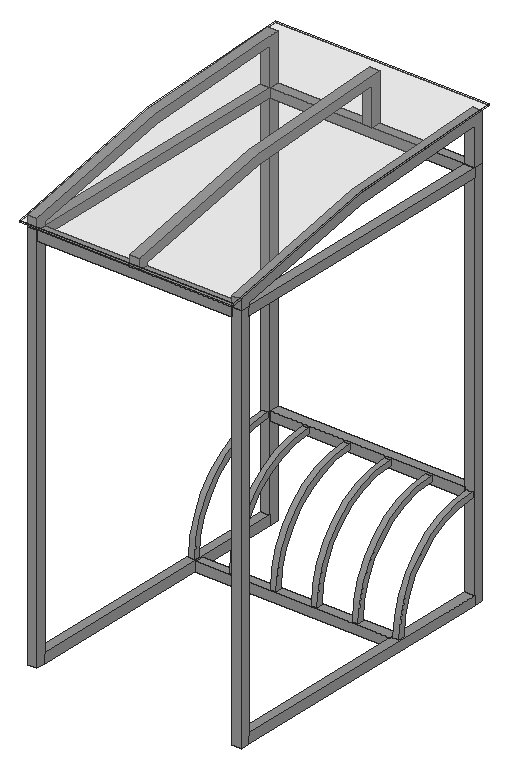
Revit family "10485 Велопарковка с навесом Velo-9 Хоббика", category Антураж, Revit 2018
Family settings
  На основе рабочей плоскости = Нет
  Всегда вертикально = Да
  При загрузке вырезать с полостями = Нет
  Источник визуального образа = Геометрия семейства
  Общий = Нет
  Точка расчета площади = Нет
Parameters (values of type "5 мест")
  Ширина = 1600 mm  # constant formula
  Цвет навеса = Крыша
  Цвет каркаса = Сталь
  Описание = if([5 мест], "Велопарковка с навесом Velo-9. Версия на 5 мест", if([10 мест], "Велопарковка с навесом Velo-9. Версия на 10 мест", if([15 мест], "Велопарковка с навесом Velo-9. Версия на 15 мест", if([19 мест], "Велопарковка с навесом Velo-9. Версия на 19 мест", "Велопарковка с навесом Velo-9. Версия на 30 мест"))))  # "Велопарковка с навесом Velo-9. Версия на 5 мест"
  Материал изделия = "Сталь, поликарбонат"  # constant formula
  Кол-во стоек = if([5 мест], 6, if([10 мест], 11, if([15 мест], 16, if([19 мест], 20, 31))))  # 6
  Кол-во опор = if([5 мест], 3, if([10 мест], 4, if([15 мест], 5, if([19 мест], 6, 8))))  # 3
  Изготовитель = "ООО «Хоббика»"  # constant formula
  Длина = if([5 мест], 1140 mm, if([10 мест], 2240 mm, if([15 мест], 3340 mm, if([19 мест], 4220 mm, 6638 mm))))  # 1140 mm
  Группа модели = "Велопарковки"  # constant formula
  Высота = 2352 mm  # constant formula
  Артикул товара = "Арт. 10485"  # constant formula
  URL = "https://hobbyka.ru/product/massovaya_veloparkovka_velo9"
  5 мест = yes
  30 мест = no
  19 мест = no
  15 мест = no
  10 мест = no
Types (6, lengths in mm): name | Описание | Кол-во стоек | Кол-во опор | Длина | 5 мест | 30 мест | 19 мест | 15 мест | 10 мест
  (no name) | "Велопарковка с навесом Velo-9. Версия на 5 мест" | 6 | 3 | 1140 | yes | no | no | no | no
  5 мест | "Велопарковка с навесом Velo-9. Версия на 5 мест" | 6 | 3 | 1140 | yes | no | no | no | no
  10 мест | "Велопарковка с навесом Velo-9. Версия на 10 мест" | 11 | 4 | 2240 | no | no | no | no | yes
  15 мест | "Велопарковка с навесом Velo-9. Версия на 15 мест" | 16 | 5 | 3340 | no | no | no | yes | no
  19 мест | "Велопарковка с навесом Velo-9. Версия на 19 мест" | 20 | 6 | 4220 | no | no | yes | no | no
  30 мест | "Велопарковка с навесом Velo-9. Версия на 30 мест" | 31 | 8 | 6638 | no | yes | no | no | no
Reference planes
  plane 1 "По центру (Вперед/Назад)": y = 0
  plane 2: z = 0
  plane 3 "По центру (Влево/Вправо)": x = 0
  plane 4: x = 1140
  plane 5: y = 1600
  plane 6: z = 2352
  plane 7: x = 1130
Forms (mm)
  Extrusion 1, solid, material "Сталь" <- "Цвет каркаса"
    sketch origin (0, 0, 0) x (1, 0, 0) y (0, 1, 0)
      loop
        line (0, 1600) -> (0, 1550) -> (50, 1550) -> (50, 1600) -> (0, 1600)
      loop
        line (1140, 1600) -> (1090, 1600) -> (1090, 1550) -> (1140, 1550) -> (1140, 1600)
    from 0 to 2091.226
  Extrusion 2, solid, material "Сталь" <- "Цвет каркаса"
    sketch origin (0, 0, 0) x (1, 0, 0) y (0, 1, 0)
      loop
        line (0, 0) -> (50, 0) -> (50, 50) -> (0, 50) -> (0, 0)
      loop
        line (1140, 0) -> (1140, 50) -> (1090, 50) -> (1090, 0) -> (1140, 0)
    from 0 to 2091.226
  Extrusion 3, solid, material "Крыша" <- "Цвет навеса"
    sketch origin (0, 0, 0) x (0, 1, 0) y (0, 0, 1)
      loop
        arc (1650, 2351.05) -> (792.381, 2308.526) -> (-50, 2142.056) r 5904.259
        line (-50, 2142.056) -> (-50, 2131.686)
        arc (-50, 2131.686) -> (792.355, 2298.447) -> (1650, 2341.047) r 5894.259
        line (1650, 2341.047) -> (1650, 2351.05)
    from 0 to 1140
  Extrusion 4, solid, material "Сталь" <- "Цвет каркаса"
    sketch origin (0, 0, 79.226) x (1, 0, 0) y (0, 0, 1)
      loop
        line (0, 2012) -> (0, 1962) -> (50, 1962) -> (50, 2012) -> (0, 2012)
      loop
        line (1140, 2012) -> (1090, 2012) -> (1090, 1962) -> (1140, 1962) -> (1140, 2012)
      loop
        line (0, -29.226) -> (0, -79.226) -> (50, -79.226) -> (50, -29.226) -> (0, -29.226)
      loop
        line (1140, -29.226) -> (1090, -29.226) -> (1090, -79.226) -> (1140, -79.226) -> (1140, -29.226)
    from -1550 to -50
  Extrusion 5, solid, material "Сталь" <- "Цвет каркаса"
    sketch origin (0, 0, 0) x (0, 1, 0) y (0, 0, 1)
      loop
        line (1600, 550) -> (1550, 550) -> (1550, 500) -> (1600, 500) -> (1600, 550)
      loop
        line (1050, 0) -> (1100, 0) -> (1100, 50) -> (1050, 50) -> (1050, 0)
      loop
        line (1550, 2091.226) -> (1550, 2041.226) -> (1600, 2041.226) -> (1600, 2091.226) -> (1550, 2091.226)
      loop
        line (0, 2091.226) -> (0, 2041.226) -> (50, 2041.226) -> (50, 2091.226) -> (0, 2091.226)
    from 50 to 1090
  Sweep 6, solid, material "Сталь" <- "Цвет каркаса"
    path origin (-872, 0, 0) x (0, 1, 0) y (0, 0, 1)
      loop
        arc (1550, 525) -> (1214.124, 385.876) -> (1075, 50) r 475
    profile origin (-872, 1550, 525) x (0, 0, -1) y (1, 0, 0)
      loop
        line (-15, 882) -> (15, 882) -> (15, 912) -> (-15, 912) -> (-15, 882)
  Sweep 7, solid, material "Сталь" <- "Цвет каркаса"
    path origin (-817.5, 0, 0) x (0, 1, 0) y (0, 0, 1)
      loop
        line (0, 2091.226) -> (0, 2145.199)
        arc (0, 2145.199) -> (793.24, 2298.556) -> (1600, 2341.999) r 5894.259
        line (1600, 2341.999) -> (1600, 2091.226)
    profile origin (-817.5, 1600, 2341.999) x (0, 0.014792, 0.999891) y (1, 0, 0)
      loop
        line (0, 867.5) -> (-50, 867.5) -> (-50, 817.5) -> (0, 817.5) -> (0, 867.5)
  Sweep 8, solid, material "Сталь" <- "Цвет каркаса"
    path origin (218, 0, 0) x (0, 1, 0) y (0, 0, 1)
      loop
        arc (1550, 525) -> (1214.124, 385.876) -> (1075, 50) r 475
    profile origin (218, 1550, 525) x (0, 0, -1) y (1, 0, 0)
      loop
        line (-15, 882) -> (15, 882) -> (15, 912) -> (-15, 912) -> (-15, 882)
  Sweep 9, solid, material "Сталь" <- "Цвет каркаса"
    path origin (-654, 0, 0) x (0, 1, 0) y (0, 0, 1)
      loop
        arc (1550, 525) -> (1214.124, 385.876) -> (1075, 50) r 475
    profile origin (-654, 1550, 525) x (0, 0, -1) y (1, 0, 0)
      loop
        line (-15, 882) -> (15, 882) -> (15, 912) -> (-15, 912) -> (-15, 882)
  Sweep 10, solid, material "Сталь" <- "Цвет каркаса"
    path origin (-436, 0, 0) x (0, 1, 0) y (0, 0, 1)
      loop
        arc (1550, 525) -> (1214.124, 385.876) -> (1075, 50) r 475
    profile origin (-436, 1550, 525) x (0, 0, -1) y (1, 0, 0)
      loop
        line (-15, 882) -> (15, 882) -> (15, 912) -> (-15, 912) -> (-15, 882)
  Sweep 11, solid, material "Сталь" <- "Цвет каркаса"
    path origin (-218, 0, 0) x (0, 1, 0) y (0, 0, 1)
      loop
        arc (1550, 525) -> (1214.124, 385.876) -> (1075, 50) r 475
    profile origin (-218, 1550, 525) x (0, 0, -1) y (1, 0, 0)
      loop
        line (-15, 882) -> (15, 882) -> (15, 912) -> (-15, 912) -> (-15, 882)
  Sweep 12, solid, material "Сталь" <- "Цвет каркаса"
    path origin (0, 0, 0) x (0, 1, 0) y (0, 0, 1)
      loop
        arc (1550, 525) -> (1214.124, 385.876) -> (1075, 50) r 475
    profile origin (0, 1550, 525) x (0, 0, -1) y (1, 0, 0)
      loop
        line (-15, 882) -> (15, 882) -> (15, 912) -> (-15, 912) -> (-15, 882)
  Sweep 13, solid, material "Сталь" <- "Цвет каркаса"
    path origin (272.5, 0, 0) x (0, 1, 0) y (0, 0, 1)
      loop
        line (0, 2091.226) -> (0, 2145.199)
        arc (0, 2145.199) -> (793.24, 2298.556) -> (1600, 2341.999) r 5894.259
        line (1600, 2341.999) -> (1600, 2091.226)
    profile origin (272.5, 1600, 2341.999) x (0, 0.014792, 0.999891) y (1, 0, 0)
      loop
        line (0, 867.5) -> (-50, 867.5) -> (-50, 817.5) -> (0, 817.5) -> (0, 867.5)
  Sweep 14, solid, material "Сталь" <- "Цвет каркаса"
    path origin (-272.5, 0, 0) x (0, 1, 0) y (0, 0, 1)
      loop
        line (0, 2091.226) -> (0, 2145.199)
        arc (0, 2145.199) -> (793.24, 2298.556) -> (1600, 2341.999) r 5894.259
        line (1600, 2341.999) -> (1600, 2091.226)
    profile origin (-272.5, 1600, 2341.999) x (0, 0.014792, 0.999891) y (1, 0, 0)
      loop
        line (0, 867.5) -> (-50, 867.5) -> (-50, 817.5) -> (0, 817.5) -> (0, 867.5)
Dimensions and locks
  "Ширина": plane 5 to plane 1 "По центру (Вперед/Назад)"
  "Длина": plane 4 to plane 3 "По центру (Влево/Вправо)"
  "Высота": plane 6 to plane 2
  equal spacing: group 1, group 3, group 4, group 5, group 6, group 2  (x3)
  locked: Extrusion 1 sketch curve to plane 4 at 50
  locked: plane 7 to plane 4 at 10
  equal spacing: group 7, group 9, group 8  (x3)
  aligned and locked: level to plane 2
  aligned and locked: Extrusion 1 sketch curve to plane 4
  aligned and locked: plane 4 to Extrusion 3
  aligned and locked: Extrusion 5 to Extrusion 1  (x2)
  aligned and locked: plane 7 to Sweep 8
  aligned and locked: Sweep 13 to plane 4
Automatic sketch dimensions
  Extrusion 1 sketch curve to plane 3 "По центру (Влево/Вправо)" = 0 mm
  Extrusion 1 sketch curve to plane 5 = 0 mm  (x2)
  plane 3 "По центру (Влево/Вправо)" to Extrusion 1 sketch curve = 50 mm
  Extrusion 1 sketch curve to plane 5 = 50 mm  (x2)
  Extrusion 2 sketch curve to plane 3 "По центру (Влево/Вправо)" = 0 mm
  plane 1 "По центру (Вперед/Назад)" to Extrusion 2 sketch curve = 0 mm  (x2)
  Extrusion 2 sketch curve to plane 4 = 0 mm
  plane 3 "По центру (Влево/Вправо)" to Extrusion 2 sketch curve = 50 mm
  Extrusion 2 sketch curve to plane 4 = 50 mm
  Extrusion 2 sketch curve to plane 1 "По центру (Вперед/Назад)" = 50 mm  (x2)
  Extrusion 3 sketch curve to Extrusion 3 sketch curve = 0 mm  (x2)
  plane 1 "По центру (Вперед/Назад)" to Extrusion 3 sketch curve = 50 mm
  Extrusion 3 sketch curve to plane 5 = 87.188 mm
  Extrusion 3 sketch curve to plane 6 = 10.953 mm
  plane 5 to Extrusion 3 sketch curve = 50 mm
  Extrusion 3 sketch curve to plane 6 = 209.944 mm
  Extrusion 3 sketch curve to Extrusion 3 sketch curve = 10.371 mm
  Extrusion 4 sketch curve to plane 3 "По центру (Влево/Вправо)" = 0 mm  (x2)
  Extrusion 4 sketch curve to level = 0 mm  (x2)
  Extrusion 4 sketch curve to plane 4 = 0 mm  (x2)
  plane 3 "По центру (Влево/Вправо)" to Extrusion 4 sketch curve = 50 mm  (x2)
  Extrusion 4 sketch curve to Extrusion 4 sketch curve = 50 mm  (x6)
  Extrusion 4 sketch curve to plane 6 = 310.774 mm  (x2)
  Sweep 6 sketch curve to Sweep 6 sketch curve = 475 mm
  profile plane to Sweep 6 sketch curve = 15 mm
  Sweep 6 sketch curve to profile plane = 15 mm
  Extrusion 5 sketch curve to plane 1 "По центру (Вперед/Назад)" = 0 mm
  Extrusion 5 sketch curve to level = 0 mm  (x3)
  Extrusion 5 sketch curve to plane 5 = 0 mm  (x4)
  Extrusion 5 sketch curve to plane 1 "По центру (Вперед/Назад)" = 50 mm
  Extrusion 5 sketch curve to plane 5 = 500 mm
  Extrusion 5 sketch curve to plane 5 = 50 mm  (x2)
  level to Extrusion 5 sketch curve = 500 mm
  Extrusion 5 sketch curve to plane 6 = 310.774 mm  (x2)
  Extrusion 5 sketch curve to Extrusion 5 sketch curve = 50 mm  (x5)
  Extrusion 5 sketch curve to Extrusion 5 sketch curve = 0 mm  (x4)
  Sweep 7 sketch curve to profile plane = 0 mm
  profile plane to Sweep 7 sketch curve = 50 mm
  profile plane to Sweep 6 sketch curve = 882 mm
  Sweep 6 sketch curve to Sweep 6 sketch curve = 30 mm
  Sweep 8 sketch curve to Sweep 8 sketch curve = 475 mm
  profile plane to Sweep 8 sketch curve = 15 mm
  Sweep 8 sketch curve to profile plane = 15 mm
  profile plane to Sweep 8 sketch curve = 882 mm
  Sweep 8 sketch curve to Sweep 8 sketch curve = 30 mm
  Sweep 9 sketch curve to Sweep 9 sketch curve = 475 mm
  profile plane to Sweep 9 sketch curve = 15 mm
  Sweep 9 sketch curve to profile plane = 15 mm
  profile plane to Sweep 9 sketch curve = 882 mm
  Sweep 9 sketch curve to Sweep 9 sketch curve = 30 mm
  Sweep 10 sketch curve to Sweep 10 sketch curve = 475 mm
  profile plane to Sweep 10 sketch curve = 15 mm
  Sweep 10 sketch curve to profile plane = 15 mm
  profile plane to Sweep 10 sketch curve = 882 mm
  Sweep 10 sketch curve to Sweep 10 sketch curve = 30 mm
  Sweep 11 sketch curve to Sweep 11 sketch curve = 475 mm
  profile plane to Sweep 11 sketch curve = 15 mm
  Sweep 11 sketch curve to profile plane = 15 mm
  profile plane to Sweep 11 sketch curve = 882 mm
  Sweep 11 sketch curve to Sweep 11 sketch curve = 30 mm
  Sweep 12 sketch curve to Sweep 12 sketch curve = 475 mm
  profile plane to Sweep 12 sketch curve = 15 mm
  Sweep 12 sketch curve to profile plane = 15 mm
  profile plane to Sweep 12 sketch curve = 882 mm
  Sweep 12 sketch curve to Sweep 12 sketch curve = 30 mm
  profile plane to Sweep 7 sketch curve = 817.5 mm
  profile plane to Sweep 7 sketch curve = 867.5 mm
  Sweep 13 sketch curve to profile plane = 0 mm
  profile plane to Sweep 13 sketch curve = 50 mm
  profile plane to Sweep 13 sketch curve = 817.5 mm
  profile plane to Sweep 13 sketch curve = 867.5 mm
  Sweep 14 sketch curve to profile plane = 0 mm
  profile plane to Sweep 14 sketch curve = 50 mm
  profile plane to Sweep 14 sketch curve = 817.5 mm
  profile plane to Sweep 14 sketch curve = 867.5 mm
  Sweep 13 sketch curve to Sweep 13 sketch curve = 87.188 mm
  Sweep 13 sketch curve to Sweep 13 sketch curve = 1600 mm
  Sweep 13 sketch curve to Sweep 13 sketch curve = 250.773 mm
  Sweep 13 sketch curve to Sweep 13 sketch curve = 53.972 mm
  Sweep 13 sketch curve to Sweep 13 sketch curve = 5893.614 mm
  Sweep 7 sketch curve to Sweep 7 sketch curve = 87.188 mm
  Sweep 7 sketch curve to Sweep 7 sketch curve = 1600 mm
  Sweep 7 sketch curve to Sweep 7 sketch curve = 250.773 mm
  Sweep 7 sketch curve to Sweep 7 sketch curve = 53.972 mm
  Sweep 7 sketch curve to Sweep 7 sketch curve = 5893.614 mm
  Sweep 14 sketch curve to Sweep 14 sketch curve = 87.188 mm
  Sweep 14 sketch curve to Sweep 14 sketch curve = 1600 mm
  Sweep 14 sketch curve to Sweep 14 sketch curve = 250.773 mm
  Sweep 14 sketch curve to Sweep 14 sketch curve = 53.972 mm
  Sweep 14 sketch curve to Sweep 14 sketch curve = 5893.614 mm
